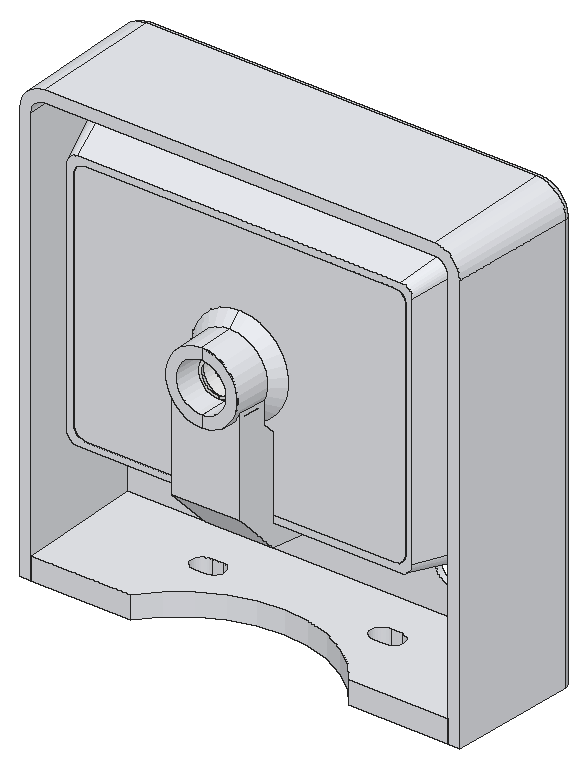
Revit family "CLARK SQUARE 400 WB NTH", category Plumbing Fixtures, host Face, Revit 2015
Parameters (values of type "CLARK SQUARE 400 WB 3TH")
  Waste Connection = yes
  Vent Connection = no
  URL = "https://www.clark.com.au/"
  Tap Penetrations = if([3 Tapholes], 0 mm, -60 mm)  # 0 mm
  Spout Penetration = if(or([1 Taphole], [3 Tapholes]), 0 mm, -60 mm)  # 0 mm
  Model = "CL40007-W3"
  Material_Waste = GWA_Metal-Chrome
  Material_Basin = GWA-Porcelain-White
  Manufacturer = "GWA Bathrooms & Kitchens"  # constant formula
  HW Connection = no
  Description = "CLARK SQUARE 400 WB 3TH"
  Default Elevation = 0 mm
  CreatedBy_ANZRS = "GWA Bathrooms & Kitchens"  # constant formula
  CW Connection = no
  Assembly Code = "D2010400"
  3 Tapholes = yes
  1 Taphole = yes
Types (4, lengths in mm): name | Tap Penetrations | Spout Penetration | Model | Description | 3 Tapholes | 1 Taphole
  (no name) | 0 | 0 | "CL40007-W3" | "CLARK SQUARE 400 WB 3TH" | yes | yes
  CLARK SQUARE 400 WB NTH | -60 | -60 | "CL40007-W0" | "CLARK SQUARE 400 WB NTH" | no | no
  CLARK SQUARE 400 WB 1TH | -60 | 0 | "CL40007-W1" | "CLARK SQUARE 400 WB 1TH" | no | yes
  CLARK SQUARE 400 WB 3TH | 0 | 0 | "CL40007-W3" | "CLARK SQUARE 400 WB 3TH" | yes | yes
Reference planes
  plane 1 "Center (Front/Back)": y = 0
  plane 2: z = 0
  plane 3 "Center (Left/Right)": x = 0
Forms (mm)
  Sweep 1, solid, material "GWA-Porcelain-White" <- "Material_Basin"
    path in 3D
      loop
        line (-200, 55, 0) -> (-200, 55, 374)
        arc (-200, 55, 374) -> (-192.385, 55, 392.385) -> (-174, 55, 400) r 26
        line (-174, 55, 400) -> (174, 55, 400)
        arc (174, 55, 400) -> (192.385, 55, 392.385) -> (200, 55, 374) r 26
        line (200, 55, 374) -> (200, 55, 0)
    profile origin (0, 55, 400) x (0, 0, 1) y (0, -1, 0)
      loop
        line (-4, 120) -> (-14, 120) -> (-8.493, 6) -> (-8.5, 0) -> (-6.203, 0)
        arc (-6.203, 0) -> (-1.891, 1.829) -> (-0.207, 6.2) r 6
        line (-0.207, 6.2) -> (-4, 120)
  Sweep 2, solid, material "GWA-Porcelain-White" <- "Material_Basin"
    path in 3D
      loop
        arc (138, -45, 348) -> (145.071, -45, 345.071) -> (148, -45, 338) r 10
        line (148, -45, 338) -> (148, -45, 138)
        arc (148, -45, 138) -> (145.071, -45, 130.929) -> (138, -45, 128) r 10
        line (138, -45, 128) -> (-138, -45, 128)
        arc (-138, -45, 128) -> (-145.071, -45, 130.929) -> (-148, -45, 138) r 10
        line (-148, -45, 138) -> (-148, -45, 338)
        arc (-148, -45, 338) -> (-145.071, -45, 345.071) -> (-138, -45, 348) r 10
        line (-138, -45, 348) -> (138, -45, 348)
    profile origin (0, -45, 348) x (0, 0, 1) y (0, -1, 0)
      loop
        line (0, 0) -> (0, 10) -> (-9.5, 10)
        arc (-9.5, 10) -> (-2.988, 6.674) -> (0, 0) r 11
  Sweep 3, solid, material "GWA-Porcelain-White" <- "Material_Basin"
    path in 3D
      loop
        arc (174, 55, 391.5) -> (186.374, 55, 386.374) -> (191.5, 55, 374) r 17.5
        line (191.5, 55, 374) -> (191.5, 55, 126)
        arc (191.5, 55, 126) -> (186.374, 55, 113.626) -> (174, 55, 108.5) r 17.5
        line (174, 55, 108.5) -> (-174, 55, 108.5)
        arc (-174, 55, 108.5) -> (-186.374, 55, 113.626) -> (-191.5, 55, 126) r 17.5
        line (-191.5, 55, 126) -> (-191.5, 55, 374)
        arc (-191.5, 55, 374) -> (-186.374, 55, 386.374) -> (-174, 55, 391.5) r 17.5
        line (-174, 55, 391.5) -> (174, 55, 391.5)
    profile origin (0, 55, 391.5) x (0, 0, 1) y (0, -1, 0)
      loop
        line (0, 0.007) -> (0.007, 6) -> (-5.993, 6)
        arc (-5.993, 6) -> (-4.236, 1.764) -> (0, 0.007) r 6
  Extrusion 4, solid, material "GWA-Porcelain-White" <- "Material_Basin"
    sketch origin (0, -55, 0) x (0, 0, 1) y (-1, 0, 0)
      loop
        line (348, -138) -> (348, 138)
        arc (348, 138) -> (345.071, 145.071) -> (338, 148) r 10
        line (338, 148) -> (138, 148)
        arc (138, 148) -> (130.929, 145.071) -> (128, 138) r 10
        line (128, 138) -> (128, -138)
        arc (128, -138) -> (130.929, -145.071) -> (138, -148) r 10
        line (138, -148) -> (338, -148)
        arc (338, -148) -> (345.071, -145.071) -> (348, -138) r 10
    from 0 to 10
  Blend 5, void
    base sketch origin (0, -59.5, 0) x (0, 0, 1) y (-1, 0, 0)
      loop
        circle (238, 0) r 37
    top sketch origin (0, -55, 0) x (0, 0, 1) y (-1, 0, 0)
      loop
        line (338.5, 138.5) -> (137.5, 138.5) -> (137.5, -138.5) -> (338.5, -138.5) -> (338.5, 138.5)
    from 0 to 0
  Blend 6, solid, material "GWA-Porcelain-White" <- "Material_Basin"
    base sketch origin (0, -65, 0) x (0, 0, 1) y (-1, 0, 0)
      loop
        line (354, -144) -> (354, 144)
        arc (354, 144) -> (351.071, 151.071) -> (344, 154) r 10
        line (344, 154) -> (132, 154)
        arc (132, 154) -> (124.929, 151.071) -> (122, 144) r 10
        line (122, 144) -> (122, -144)
        arc (122, -144) -> (124.929, -151.071) -> (132, -154) r 10
        line (132, -154) -> (344, -154)
        arc (344, -154) -> (351.071, -151.071) -> (354, -144) r 10
    top sketch origin (0, -65, 0) x (0, 0, 1) y (-1, 0, 0)
      loop
        line (391.5, -174) -> (391.5, 174)
        arc (391.5, 174) -> (386.374, 186.374) -> (374, 191.507) r 17.5
        line (374, 191.507) -> (126, 191.5)
        arc (126, 191.5) -> (113.626, 186.374) -> (108.493, 174) r 17.5
        line (108.493, 174) -> (108.5, -174)
        arc (108.5, -174) -> (113.626, -186.374) -> (126, -191.507) r 17.5
        line (126, -191.507) -> (374, -191.5)
        arc (374, -191.5) -> (386.374, -186.374) -> (391.5, -174) r 17.5
    from 0 to -114
  Blend 7, void
    base sketch origin (0, -45, 0) x (0, 0, 1) y (-1, 0, 0)
      loop
        line (338, 148) -> (138, 148)
        arc (138, 148) -> (130.929, 145.071) -> (128, 138) r 10
        line (128, 138) -> (128, -138)
        arc (128, -138) -> (130.929, -145.071) -> (138, -148) r 10
        line (138, -148) -> (338, -148)
        arc (338, -148) -> (345.071, -145.071) -> (348, -138) r 10
        line (348, -138) -> (348, 138)
        arc (348, 138) -> (345.071, 145.071) -> (338, 148) r 10
    top sketch origin (0, -45, 0) x (0, 0, 1) y (-1, 0, 0)
      loop
        line (114.493, 174) -> (114.493, -174)
        arc (114.493, -174) -> (117.863, -182.137) -> (126, -185.507) r 11.507
        line (126, -185.507) -> (374, -185.507)
        arc (374, -185.507) -> (382.137, -182.137) -> (385.507, -174) r 11.507
        line (385.507, -174) -> (385.507, 174)
        arc (385.507, 174) -> (382.137, 182.137) -> (374, 185.507) r 11.507
        line (374, 185.507) -> (126, 185.507)
        arc (126, 185.507) -> (117.863, 182.137) -> (114.493, 174) r 11.507
    from 0 to -94
  Extrusion 8, void
    sketch origin (0, -45, 0) x (0, 0, 1) y (-1, 0, 0)
      loop
        line (348, -138) -> (348, 138)
        arc (348, 138) -> (345.071, 145.071) -> (338, 148) r 10
        line (338, 148) -> (138, 148)
        arc (138, 148) -> (130.929, 145.071) -> (128, 138) r 10
        line (128, 138) -> (128, -138)
        arc (128, -138) -> (130.929, -145.071) -> (138, -148) r 10
        line (138, -148) -> (338, -148)
        arc (338, -148) -> (345.071, -145.071) -> (348, -138) r 10
    from 0 to 36.143
  Extrusion 9, solid, material "GWA-Porcelain-White" <- "Material_Basin"
    sketch origin (0, 55, 0) x (0, 0, 1) y (-1, 0, 0)
      loop
        arc (126, -191.5) -> (113.626, -186.374) -> (108.5, -174) r 17.5
        line (108.5, -174) -> (108.5, 174)
        arc (108.5, 174) -> (113.626, 186.374) -> (126, 191.5) r 17.5
        line (126, 191.5) -> (0, 191.5) -> (0, -191.5) -> (126, -191.5)
    from 0 to 6
  Extrusion 10, solid, material "GWA-Porcelain-White" <- "Material_Basin"
    sketch origin (0, 0, 0) x (1, 0, 0) y (0, 1, 0)
      loop
        line (-186, -65) -> (186, -65) -> (191.5, 49) -> (-191.5, 49) -> (-186, -65)
    from 0 to 20
  Extrusion 11, void
    sketch origin (194.515, -138.338, 0) x (1, 0, 0) y (0, 1, 0)
      loop
        arc (-119.515, 148.338) -> (-129.515, 138.338) -> (-119.515, 128.338) r 10
        line (-119.515, 128.338) -> (-109.515, 128.338)
        arc (-109.515, 128.338) -> (-99.515, 138.338) -> (-109.515, 148.338) r 10
        line (-109.515, 148.338) -> (-119.515, 148.338)
    from -20 to 20
  Extrusion 12, void
    sketch origin (34.515, -138.338, 0) x (1, 0, 0) y (0, 1, 0)
      loop
        arc (-119.515, 148.338) -> (-129.515, 138.338) -> (-119.515, 128.338) r 10
        line (-119.515, 128.338) -> (-109.515, 128.338)
        arc (-109.515, 128.338) -> (-99.515, 138.338) -> (-109.515, 148.338) r 10
        line (-109.515, 148.338) -> (-119.515, 148.338)
    from -20 to 20
  Extrusion 13, void
    sketch origin (0, 0, 0) x (1, 0, 0) y (0, 1, 0)
      loop
        circle (0, -135) r 120
    from -20 to 20
  Extrusion 14, void
    sketch origin (59.761, -146.11, 141.816) x (1, 0, 0) y (0, 0.990268, -0.139173)
      loop
        arc (-78.761, 181.898) -> (-84.761, 175.898) -> (-78.761, 169.898) r 6
        line (-78.761, 169.898) -> (-40.761, 169.898)
        arc (-40.761, 169.898) -> (-34.761, 175.898) -> (-40.761, 181.898) r 6
        line (-40.761, 181.898) -> (-78.761, 181.898)
    from -20 to 20
  Extrusion 15, void
    sketch origin (0, -45, 0) x (0, 0, 1) y (-1, 0, 0)
      loop
        circle (238, 0) r 37
    from -20 to 21.723
  Revolve 16, solid, material "GWA-Porcelain-White" <- "Material_Basin"
    sketch origin (0, 0, 0) x (0, 1, 0) y (0, 0, 1)
      loop
        line (-59.5, 275) -> (-65, 275) -> (-65, 281.487) -> (-75.487, 271) -> (-107.487, 270) -> (-107.487, 260) -> (-72.487, 260) -> (-60.069, 272.717) -> (-59.5, 274.114) -> (-59.5, 275)
      axis (-59.5, 238) -> (-107.487, 238)
    angle from 0 to 360
  Extrusion 17, solid, material "GWA-Porcelain-White" <- "Material_Basin"
    sketch origin (0, 0, 0) x (0, 1, 0) y (0, 0, 1)
      loop
        line (-65, 194.513) -> (-75.487, 205) -> (-75.487, 238) -> (-102.668, 238) -> (-102.668, 139.668) -> (-65, 102) -> (49, 88.493) -> (49, 108.493) -> (-65, 122) -> (-65, 194.513)
    from -30 to 30
  Extrusion 18, void
    sketch origin (0, -45, 0) x (0, 0, 1) y (-1, 0, 0)
      loop
        circle (238, 0) r 22.5
    from 0 to 100
  Revolve 19, solid, material "GWA_Metal-Chrome" <- "Material_Waste"
    sketch origin (0, -222.299, 316.484) x (0, 0, -1) y (0, 1, 0)
      loop
        line (95.607, 133.565) -> (97.728, 137.24) -> (97.728, 150.89) -> (99.827, 155.393) -> (99.827, 159.253) -> (108.473, 160.565) -> (108.473, 161.365) -> (98.478, 160.49) -> (98.478, 155.692) -> (95.729, 149.795) -> (95.729, 137.775) -> (93.299, 133.565) -> (95.607, 133.565)
      axis (78.484, 161.365) -> (78.484, 133.565)
    angle from 0 to 360
  Revolve 20, solid, material "GWA_Metal-Chrome" <- "Material_Waste"
    sketch origin (0, -222.299, 316.484) x (0, 0, -1) y (0, 1, 0)
      loop
        line (98.178, 159.504) -> (98.178, 160.504)
        arc (98.178, 160.504) -> (88.381, 161.998) -> (78.484, 162.514) r 100
        line (78.484, 162.514) -> (78.484, 159.504) -> (98.178, 159.504)
      axis (78.484, 162.514) -> (78.484, 159.504)
    angle from 0 to 360
  Extrusion 21, void
    sketch origin (0, 0, 0) x (1, 0, 0) y (0, 0, 1)
      loop
        circle (0, 60) r 14
    from -70 to 0 <- "Spout Penetration"
  Extrusion 22, void
    sketch origin (0, 0, 0) x (1, 0, 0) y (0, 0, 1)
      loop
        circle (-100, 60) r 17
    from -70 to 0 <- "Tap Penetrations"
  Extrusion 23, void
    sketch origin (0, 0, 0) x (1, 0, 0) y (0, 0, 1)
      loop
        circle (100, 60) r 17
    from -70 to 0 <- "Tap Penetrations"
Cuts and joins
  Blend 5, Extrusion 15 cuts Extrusion 4
  Blend 7, Extrusion 8, Extrusion 14 cuts Blend 6
  Extrusion 11, Extrusion 12, Extrusion 13 cuts Extrusion 10
  Extrusion 13, Extrusion 21, Extrusion 22, Extrusion 23 cuts Extrusion 9
  Extrusion 18 cuts Extrusion 17
Lines and regions (mm)
  Masking region 1
    outline origin (0, 0, 0) x (1, 0, 0) y (0, 0, 1)
      loop
        line (174, 400) -> (-174, 400)
        arc (-174, 400) -> (-192.385, 392.385) -> (-200, 374) r 26
        line (-200, 374) -> (-200, 0) -> (200, 0) -> (200, 374)
        arc (200, 374) -> (192.385, 392.385) -> (174, 400) r 26
  Masking region 2
    outline origin (0, 0, 0) x (0, 1, 0) y (0, 0, 1)
      loop
        line (-65, 396) -> (-65, 0) -> (55, 0) -> (55, 393.765)
        arc (55, 393.765) -> (53.172, 398.077) -> (48.802, 399.762) r 6
        line (48.802, 399.762) -> (-65, 396)
  Masking region 3
    outline origin (0, 0, 0) x (1, 0, 0) y (0, 1, 0)
      loop
        arc (-193.797, 55) -> (-198.109, 53.171) -> (-199.793, 48.8) r 6
        line (-199.793, 48.8) -> (-196, -65) -> (196, -65) -> (199.793, 48.8)
        arc (199.793, 48.8) -> (198.109, 53.171) -> (193.797, 55) r 6
        line (193.797, 55) -> (-193.797, 55)
  Masking region 4
    outline origin (0, 0, 0) x (1, 0, 0) y (0, 1, 0)
      loop
        line (-33, -75.487) -> (-32, -107.487) -> (32, -107.487) -> (33, -75.487) -> (43.487, -65) -> (-43.487, -65) -> (-33, -75.487)
  Masking region 5
    outline origin (0, 0, 0) x (0, 1, 0) y (0, 0, 1)
      loop
        line (-107.487, 270) -> (-107.487, 206) -> (-75.487, 205) -> (-65, 194.513) -> (-65, 281.487) -> (-75.487, 271) -> (-107.487, 270)
  Masking region 6
    outline origin (0, 0, 0) x (0, 1, 0) y (0, 0, 1)
      loop
        line (-102.668, 205.849) -> (-102.668, 139.668) -> (-65, 102) -> (-65, 194.513) -> (-75.487, 205) -> (-102.668, 205.849)
  sketch lines
    curve 1: line (-174, 55, 400) -> (174, 55, 400)
    curve 2: arc (-174, 55, 400) -> (-192.385, 55, 392.385) -> (-200, 55, 374) r 26
    curve 3: line (-200, 55, 0) -> (-200, 55, 374)
    curve 4: arc (174, 55, 400) -> (192.385, 55, 392.385) -> (200, 55, 374) r 26
    curve 5: line (200, 55, 374) -> (200, 55, 0)
    curve 6: line (-138, -45, 348) -> (138, -45, 348)
    curve 7: arc (-148, -45, 338) -> (-145.071, -45, 345.071) -> (-138, -45, 348) r 10
    curve 8: arc (-148, -45, 138) -> (-145.071, -45, 130.929) -> (-138, -45, 128) r 10
    curve 9: line (-148, -45, 138) -> (-148, -45, 338)
    curve 10: line (138, -45, 128) -> (-138, -45, 128)
    curve 11: arc (138, -45, 128) -> (145.071, -45, 130.929) -> (148, -45, 138) r 10
    curve 12: arc (138, -45, 348) -> (145.071, -45, 345.071) -> (148, -45, 338) r 10
    curve 13: line (148, -45, 338) -> (148, -45, 138)
    curve 14: line (-174, 55, 391.5) -> (174, 55, 391.5)
    curve 15: arc (-191.5, 55, 374) -> (-186.374, 55, 386.374) -> (-174, 55, 391.5) r 17.5
    curve 16: line (-191.5, 55, 126) -> (-191.5, 55, 374)
    curve 17: arc (-191.5, 55, 126) -> (-186.374, 55, 113.626) -> (-174, 55, 108.5) r 17.5
    curve 18: line (174, 55, 108.5) -> (-174, 55, 108.5)
    curve 19: arc (174, 55, 108.5) -> (186.374, 55, 113.626) -> (191.5, 55, 126) r 17.5
    curve 20: line (191.5, 55, 374) -> (191.5, 55, 126)
    curve 21: arc (174, 55, 391.5) -> (186.374, 55, 386.374) -> (191.5, 55, 374) r 17.5
  symbolic lines
    curve 22: line (200, 0, 0) -> (-200, 0, 0)
    curve 23: line (174, 0, 400) -> (-174, 0, 400)
    curve 24: line (200, 0, 374) -> (200, 0, 0)
    curve 25: line (-200, 0, 374) -> (-200, 0, 0)
    curve 26: arc (174, 0, 400) -> (192.385, 0, 392.385) -> (200, 0, 374) r 26
    curve 27: arc (-200, 0, 374) -> (-192.385, 0, 392.385) -> (-174, 0, 400) r 26
    curve 28: line (175.507, 0, 385.507) -> (-175.507, 0, 385.507)
    curve 29: line (185.507, 0, 124.493) -> (185.507, 0, 375.507)
    curve 30: line (-175.507, 0, 114.493) -> (175.507, 0, 114.493)
    curve 31: line (-185.507, 0, 375.507) -> (-185.507, 0, 124.493)
    curve 32: arc (185.507, 0, 375.507) -> (182.578, 0, 382.578) -> (175.507, 0, 385.507) r 10
    curve 33: arc (-175.507, 0, 385.507) -> (-182.578, 0, 382.578) -> (-185.507, 0, 375.507) r 10
    curve 34: arc (-185.507, 0, 124.493) -> (-182.578, 0, 117.422) -> (-175.507, 0, 114.493) r 10
    curve 35: arc (175.507, 0, 114.493) -> (182.578, 0, 117.422) -> (185.507, 0, 124.493) r 10
    curve 36: circle (0, 0, 238) r 30 normal (0, -1, 0)
    curve 37: circle (0, 0, 238) r 20 normal (0, -1, 0)
    curve 38: line (138, 0, 348) -> (-138, 0, 348)
    curve 39: line (148, 0, 138) -> (148, 0, 338)
    curve 40: line (-148, 0, 338) -> (-148, 0, 138)
    curve 41: line (-138, 0, 128) -> (138, 0, 128)
    curve 42: arc (148, 0, 338) -> (145.071, 0, 345.071) -> (138, 0, 348) r 10
    curve 43: arc (-138, 0, 348) -> (-145.071, 0, 345.071) -> (-148, 0, 338) r 10
    curve 44: arc (-148, 0, 138) -> (-145.071, 0, 130.929) -> (-138, 0, 128) r 10
    curve 45: arc (138, 0, 128) -> (145.071, 0, 130.929) -> (148, 0, 138) r 10
    curve 46: line (0, 55, 0) -> (0, 55, 393.765)
    curve 47: line (0, -65, 396) -> (0, 48.802, 399.762)
    curve 48: arc (0, 55, 393.765) -> (0, 53.172, 398.077) -> (0, 48.802, 399.762) r 6
    curve 49: line (0, -65, 396) -> (0, -65, 0)
    curve 50: line (0, -65, 0) -> (0, 55, 0)
    curve 51: line (-196, -65, 0) -> (196, -65, 0)
    curve 52: line (196, -65, 0) -> (199.793, 48.8, 0)
    curve 53: line (-196, -65, 0) -> (-199.793, 48.8, 0)
    curve 54: line (-193.797, 55, 0) -> (193.797, 55, 0)
    curve 55: arc (-199.793, 48.8, 0) -> (-198.109, 53.171, 0) -> (-193.797, 55, 0) r 6
    curve 56: arc (193.797, 55, 0) -> (198.109, 53.171, 0) -> (199.793, 48.8, 0) r 6
    curve 57: line (-32, -107.487, 0) -> (32, -107.487, 0)
    curve 58: line (32, -107.487, 0) -> (33, -75.487, 0)
    curve 59: line (-32, -107.487, 0) -> (-33, -75.487, 0)
    curve 60: line (-33, -75.487, 0) -> (-43.487, -65, 0)
    curve 61: line (33, -75.487, 0) -> (43.487, -65, 0)
    curve 62: line (0, -107.487, 270) -> (0, -107.487, 206)
    curve 63: line (0, -107.487, 206) -> (0, -75.487, 205)
    curve 64: line (0, -107.487, 270) -> (0, -75.487, 271)
    curve 65: line (0, -75.487, 271) -> (0, -65, 281.487)
    curve 66: line (0, -75.487, 205) -> (0, -65, 194.513)
    curve 67: line (0, -102.668, 205.849) -> (0, -102.668, 139.668)
    curve 68: line (0, -102.668, 139.668) -> (0, -65, 102)
  symbolic lines, visible <- "1 Taphole"
    curve 69: circle (0, -45, 60) r 14 normal (0, -1, 0)
  symbolic lines, visible <- "3 Tapholes"
    curve 70: circle (-100, -45, 60) r 17 normal (0, -1, 0)
    curve 71: circle (100, -45, 60) r 17 normal (0, -1, 0)
Dimensions and locks
  aligned and locked: plane 2 to host face
  aligned and locked: level to host face
Connectors
  piping at (0, -107.487, 238), diameter 60
    settings: on Revolve 16, index 1, connector inside diameter 609.6 mm, connector length 0 mm, flow factor 0, pipe flow 0.0 L/s, pressure drop 0.0 Pa, fitting loss kfactor 0, connector angle 0.00°, fixture units 0, engagement length 0 mm, angle of deflection 0.00°, flow configuration 3, flow direction 2, fitting loss method 0, system type 16, joint type 0, gender type 0, connector reference index -1, connector utility 0, adjustable connector no, is connector primary yes, connector description ""
